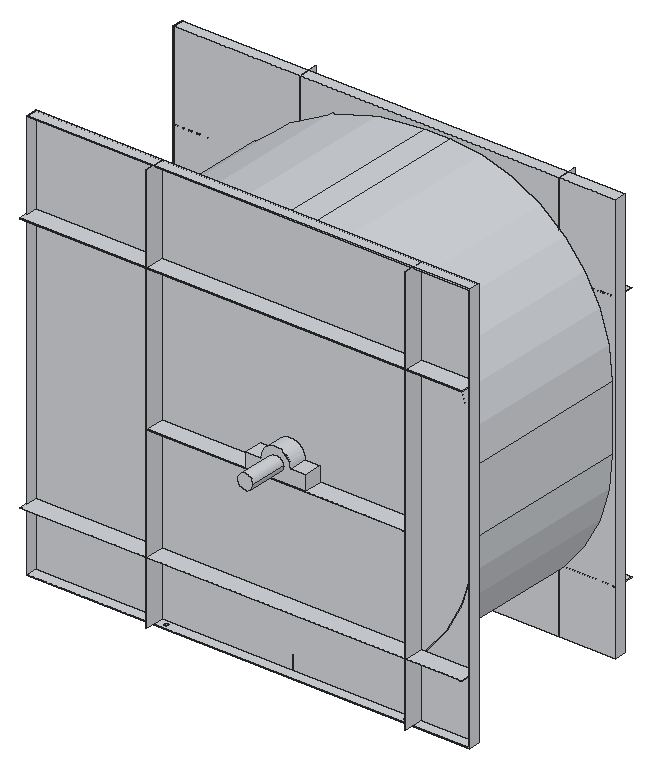
Revit family "CA-4_SWSI_ARR_3_CCW_DBD", category Mechanical Equipment, Revit 2019
Family settings
  Round Connector Dimension = Use Radius
  Part Type = Normal
  Work Plane-Based = No
  Always vertical = Yes
  Cut with Voids When Loaded = No
  Shared = No
  Room Calculation Point = No
Parameters (values of type "600_CA-4_SWSI_ARR_3_CCW_DBD_CLASS_3")
  S = 32"
  R = 49 5/16"
  P = 24 21/32"
  O/2 = O / 2  # 17/32"
  O = 1 1/16"
  N/2 = N / 2  # 1 31/32"
  N = 3 15/16"
  ModelID [instance] = ""
  M = 66 11/16"
  L = 10"
  K = 56 11/16"
  J = 3"
  INLET_RAD/2 = INLET_RAD / 2  # 16 1/2"
  INLET_RAD+1.5" = INLET_RAD + 1 1/2"  # 34 1/2"
  INLET_RAD = INLET_DIA / 2  # 33"
  INLET_DIA = 66"
  E = 49 3/4"
  F = 118"
  G = 109 5/8"
  Unit Weight [instance] = ""
  Sones [instance] = ""
  Motor RPM [instance] = ""
  Motor Enclosure [instance] = ""
  LwA [instance] = ""
  Fan RPM [instance] = ""
  E-(INLET_RAD+1.5") = H - (INLET_RAD + 1 1/2")  # 17 1/8"
  E+(INLET_RAD+1.5") = H + (INLET_RAD + 1 1/2")  # 86 1/8"
  H = 51 5/8"
  D-((D-B)/2) = D - ((D - B) / 2)  # 48 13/16"
  D = 51 13/16"
  B = 45 13/16"
  Accessories [instance] = ""
  A = 65 5/8"
  3" = 3"  # constant formula
  Brake Hp [instance] = ""
  4" = 4"  # constant formula
  2N = N + N  # 7 7/8"
  2' = 24"
  2" = 2"  # constant formula
  1" = 1"  # constant formula
  0 = 0"  # constant formula
  Voltage [instance] = 0 V
  URL = "www.lorencook.com"
  Type Comments = "Airfoil Centrifugal Blower Arrangement 3 Counter-Clockwise Down Blast Discharge"  # constant formula
  Static Pressure [instance] = 0.00 in-wg
  Power [instance] = Voltage * Motor FLA * sqrt(if(Phase = 3, 3, 1))  # 0 VA
  Phase [instance] = 0
  Number of Poles [instance] = 1
  Motor Hp [instance] = "0"
  Motor FLA [instance] = 0 A
  Model = "CA-4 SWSI ARR 3 CCW DBD CLASS 3"
  Manufacturer = "Loren Cook Company"
  CFM [instance] = 0 CFM
  1.5 = 1 1/2"  # constant formula
  ONE EIGTH = 1/8"  # constant formula
  -(((K-B)/2)-.125") = -(((K - B) / 2) - 1/8")  # -5 5/16"
  (R-B)/2 = (R - B) / 2  # 1 3/4"
  ((K-B)/2)+B = ((K - B) / 2) + B  # 51 1/4"
  (D-B)/2 = (D - B) / 2  # 3"
  -(((K-B)/2)+L) = -(((K - B) / 2) + L)  # -15 7/16"
  ((D-B)/2)-.125" = ((D - B) / 2) - 1/8"  # 2 7/8"
Types (55): name | S | R | P | O/2 | O | N/2 | N | M | L | K | J | INLET_RAD/2 | INLET_RAD+1.5" | INLET_RAD | INLET_DIA | E | F | G | E-(INLET_RAD+1.5") | E+(INLET_RAD+1.5") | H | D-((D-B)/2) | D | B | A | 2N | Model | -(((K-B)/2)-.125") | (R-B)/2 | ((K-B)/2)+B | (D-B)/2 | -(((K-B)/2)+L) | ((D-B)/2)-.125"
  (no name) | 32" | 49 5/16" | 24 21/32" | 17/32" | 1 1/16" | 1 31/32" | 3 15/16" | 66 11/16" | 10" | 56 11/16" | 3" | 16 1/2" | 34 1/2" | 33" | 66" | 49 3/4" | 118" | 109 5/8" | 17 1/8" | 86 1/8" | 51 5/8" | 48 13/16" | 51 13/16" | 45 13/16" | 65 5/8" | 7 7/8" | "CA-4 SWSI ARR 3 CCW DBD CLASS 3" | -5 5/16" | 1 3/4" | 51 1/4" | 3" | -15 7/16" | 2 7/8"
  120_CA-4_SWSI_ARR_3_CCW_DBD_CLASS_1 | 7 1/2" | 11 7/16" | 5 23/32" | 11/32" | 11/16" | 1/2" | 1" | 18 7/8" | 3" | 15 7/8" | 2" | 4 1/16" | 9 5/8" | 8 1/8" | 16 1/4" | 10 3/4" | 25 3/4" | 22 3/4" | 3/4" | 20" | 10 3/8" | 11 3/16" | 13 3/16" | 9 3/16" | 13 1/8" | 2" | "CA-4 SWSI ARR 3 CCW DBD CLASS 1" | -3 7/32" | 1 1/8" | 12 17/32" | 2" | -6 11/32" | 1 7/8"
  120_CA-4_SWSI_ARR_3_CCW_DBD_CLASS_2 | 7 1/2" | 11 7/16" | 5 23/32" | 11/32" | 11/16" | 1/2" | 1" | 18 7/8" | 3" | 15 7/8" | 2" | 4 1/16" | 9 5/8" | 8 1/8" | 16 1/4" | 10 3/4" | 25 3/4" | 22 3/4" | 3/4" | 20" | 10 3/8" | 11 3/16" | 13 3/16" | 9 3/16" | 13 1/8" | 2" | "CA-4 SWSI ARR 3 CCW DBD CLASS 2" | -3 7/32" | 1 1/8" | 12 17/32" | 2" | -6 11/32" | 1 7/8"
  120_CA-4_SWSI_ARR_3_CCW_DBD_CLASS_3 | 7 1/2" | 11 7/16" | 5 23/32" | 11/32" | 11/16" | 19/32" | 1 3/16" | 18 7/8" | 3" | 15 7/8" | 2" | 4 1/16" | 9 5/8" | 8 1/8" | 16 1/4" | 10 3/4" | 25 3/4" | 22 3/4" | 3/4" | 20" | 10 3/8" | 11 3/16" | 13 3/16" | 9 3/16" | 13 1/8" | 2 3/8" | "CA-4 SWSI ARR 3 CCW DBD CLASS 3" | -3 7/32" | 1 1/8" | 12 17/32" | 2" | -6 11/32" | 1 7/8"
  135_CA-4_SWSI_ARR_3_CCW_DBD_CLASS_1 | 8 1/2" | 12 9/16" | 6 9/32" | 11/32" | 11/16" | 1/2" | 1" | 20" | 3" | 17" | 2" | 4 7/16" | 10 3/8" | 8 7/8" | 17 3/4" | 12" | 28 3/4" | 25 1/2" | 1 1/4" | 22" | 11 5/8" | 12 5/16" | 14 5/16" | 10 5/16" | 14 3/4" | 2" | "CA-4 SWSI ARR 3 CCW DBD CLASS 1" | -3 7/32" | 1 1/8" | 13 21/32" | 2" | -6 11/32" | 1 7/8"
  135_CA-4_SWSI_ARR_3_CCW_DBD_CLASS_2 | 8 1/2" | 12 9/16" | 6 9/32" | 11/32" | 11/16" | 1/2" | 1" | 20" | 3" | 17" | 2" | 4 7/16" | 10 3/8" | 8 7/8" | 17 3/4" | 12" | 28 3/4" | 25 1/2" | 1 1/4" | 22" | 11 5/8" | 12 5/16" | 14 5/16" | 10 5/16" | 14 3/4" | 2" | "CA-4 SWSI ARR 3 CCW DBD CLASS 2" | -3 7/32" | 1 1/8" | 13 21/32" | 2" | -6 11/32" | 1 7/8"
  135_CA-4_SWSI_ARR_3_CCW_DBD_CLASS_3 | 8 1/2" | 12 9/16" | 6 9/32" | 11/32" | 11/16" | 19/32" | 1 3/16" | 20" | 3" | 17" | 2" | 4 7/16" | 10 3/8" | 8 7/8" | 17 3/4" | 12" | 28 3/4" | 25 1/2" | 1 1/4" | 22" | 11 5/8" | 12 5/16" | 14 5/16" | 10 5/16" | 14 3/4" | 2 3/8" | "CA-4 SWSI ARR 3 CCW DBD CLASS 3" | -3 7/32" | 1 1/8" | 13 21/32" | 2" | -6 11/32" | 1 7/8"
  150_CA-4_SWSI_ARR_3_CCW_DBD_CLASS_1 | 9" | 13 11/16" | 6 27/32" | 11/32" | 11/16" | 1/2" | 1" | 21 1/8" | 3" | 18 1/8" | 2" | 4 13/16" | 11 1/8" | 9 5/8" | 19 1/4" | 13 1/4" | 31 5/8" | 28 1/8" | 1 3/4" | 24" | 12 7/8" | 13 7/16" | 15 7/16" | 11 7/16" | 16 7/16" | 2" | "CA-4 SWSI ARR 3 CCW DBD CLASS 1" | -3 7/32" | 1 1/8" | 14 25/32" | 2" | -6 11/32" | 1 7/8"
  150_CA-4_SWSI_ARR_3_CCW_DBD_CLASS_2 | 9" | 13 11/16" | 6 27/32" | 11/32" | 11/16" | 19/32" | 1 3/16" | 21 1/8" | 3" | 18 1/8" | 2" | 4 13/16" | 11 1/8" | 9 5/8" | 19 1/4" | 13 1/4" | 31 5/8" | 28 1/8" | 1 3/4" | 24" | 12 7/8" | 13 7/16" | 15 7/16" | 11 7/16" | 16 7/16" | 2 3/8" | "CA-4 SWSI ARR 3 CCW DBD CLASS 2" | -3 7/32" | 1 1/8" | 14 25/32" | 2" | -6 11/32" | 1 7/8"
  150_CA-4_SWSI_ARR_3_CCW_DBD_CLASS_3 | 9" | 13 11/16" | 6 27/32" | 11/32" | 11/16" | 23/32" | 1 7/16" | 21 1/8" | 3" | 18 1/8" | 2" | 4 13/16" | 11 1/8" | 9 5/8" | 19 1/4" | 13 1/4" | 31 5/8" | 28 1/8" | 1 3/4" | 24" | 12 7/8" | 13 7/16" | 15 7/16" | 11 7/16" | 16 7/16" | 2 7/8" | "CA-4 SWSI ARR 3 CCW DBD CLASS 3" | -3 7/32" | 1 1/8" | 14 25/32" | 2" | -6 11/32" | 1 7/8"
  165_CA-4_SWSI_ARR_3_CCW_DBD_CLASS_1 | 10" | 14 7/8" | 7 7/16" | 11/32" | 11/16" | 1/2" | 1" | 23 15/16" | 4" | 19 5/16" | 2" | 5 5/16" | 12 1/8" | 10 5/8" | 21 1/4" | 14 3/8" | 34 3/8" | 30 7/8" | 2 1/8" | 26 3/8" | 14 1/4" | 14 5/8" | 16 5/8" | 12 5/8" | 18 1/16" | 2" | "CA-4 SWSI ARR 3 CCW DBD CLASS 1" | -3 7/32" | 1 1/8" | 15 31/32" | 2" | -7 11/32" | 1 7/8"
  165_CA-4_SWSI_ARR_3_CCW_DBD_CLASS_2 | 10" | 14 7/8" | 7 7/16" | 11/32" | 11/16" | 19/32" | 1 3/16" | 23 15/16" | 4" | 19 5/16" | 2" | 5 5/16" | 12 1/8" | 10 5/8" | 21 1/4" | 14 3/8" | 34 3/8" | 30 7/8" | 2 1/8" | 26 3/8" | 14 1/4" | 14 5/8" | 16 5/8" | 12 5/8" | 18 1/16" | 2 3/8" | "CA-4 SWSI ARR 3 CCW DBD CLASS 2" | -3 7/32" | 1 1/8" | 15 31/32" | 2" | -7 11/32" | 1 7/8"
  165_CA-4_SWSI_ARR_3_CCW_DBD_CLASS_3 | 10" | 14 7/8" | 7 7/16" | 11/32" | 11/16" | 23/32" | 1 7/16" | 23 15/16" | 4" | 19 5/16" | 2" | 5 5/16" | 12 1/8" | 10 5/8" | 21 1/4" | 14 3/8" | 34 3/8" | 30 7/8" | 2 1/8" | 26 3/8" | 14 1/4" | 14 5/8" | 16 5/8" | 12 5/8" | 18 1/16" | 2 7/8" | "CA-4 SWSI ARR 3 CCW DBD CLASS 3" | -3 7/32" | 1 1/8" | 15 31/32" | 2" | -7 11/32" | 1 7/8"
  180_CA-4_SWSI_ARR_3_CCW_DBD_CLASS_1 | 11" | 16" | 8" | 11/32" | 11/16" | 19/32" | 1 3/16" | 24 15/16" | 4 1/2" | 20 7/16" | 2" | 5 11/16" | 12 7/8" | 11 3/8" | 22 3/4" | 15 5/8" | 37 1/8" | 33 5/8" | 2 5/8" | 28 3/8" | 15 1/2" | 15 3/4" | 17 3/4" | 13 3/4" | 19 11/16" | 2 3/8" | "CA-4 SWSI ARR 3 CCW DBD CLASS 1" | -3 7/32" | 1 1/8" | 17 3/32" | 2" | -7 27/32" | 1 7/8"
  180_CA-4_SWSI_ARR_3_CCW_DBD_CLASS_2 | 11" | 16" | 8" | 11/32" | 11/16" | 23/32" | 1 7/16" | 24 15/16" | 4 1/2" | 20 7/16" | 2" | 5 11/16" | 12 7/8" | 11 3/8" | 22 3/4" | 15 5/8" | 37 1/8" | 33 5/8" | 2 5/8" | 28 3/8" | 15 1/2" | 15 3/4" | 17 3/4" | 13 3/4" | 19 11/16" | 2 7/8" | "CA-4 SWSI ARR 3 CCW DBD CLASS 2" | -3 7/32" | 1 1/8" | 17 3/32" | 2" | -7 27/32" | 1 7/8"
  180_CA-4_SWSI_ARR_3_CCW_DBD_CLASS_3 | 11" | 16" | 8" | 11/32" | 11/16" | 27/32" | 1 11/16" | 24 15/16" | 4 1/2" | 20 7/16" | 2" | 5 11/16" | 12 7/8" | 11 3/8" | 22 3/4" | 15 5/8" | 37 1/8" | 33 5/8" | 2 5/8" | 28 3/8" | 15 1/2" | 15 3/4" | 17 3/4" | 13 3/4" | 19 11/16" | 3 3/8" | "CA-4 SWSI ARR 3 CCW DBD CLASS 3" | -3 7/32" | 1 1/8" | 17 3/32" | 2" | -7 27/32" | 1 7/8"
  195_CA-4_SWSI_ARR_3_CCW_DBD_CLASS_1 | 11 1/2" | 17 3/16" | 8 19/32" | 11/32" | 11/16" | 23/32" | 1 7/16" | 27 3/16" | 4 1/2" | 22 11/16" | 2" | 6 1/16" | 13 5/8" | 12 1/8" | 24 1/4" | 16 3/4" | 40" | 36 1/4" | 3 1/8" | 30 3/8" | 16 3/4" | 16 15/16" | 18 15/16" | 14 15/16" | 21 5/16" | 2 7/8" | "CA-4 SWSI ARR 3 CCW DBD CLASS 1" | -3 3/4" | 1 1/8" | 18 13/16" | 2" | -8 3/8" | 1 7/8"
  195_CA-4_SWSI_ARR_3_CCW_DBD_CLASS_2 | 11 1/2" | 17 3/16" | 8 19/32" | 11/32" | 11/16" | 23/32" | 1 7/16" | 27 3/16" | 4 1/2" | 22 11/16" | 2" | 6 1/16" | 13 5/8" | 12 1/8" | 24 1/4" | 16 3/4" | 40" | 36 1/4" | 3 1/8" | 30 3/8" | 16 3/4" | 16 15/16" | 18 15/16" | 14 15/16" | 21 5/16" | 2 7/8" | "CA-4 SWSI ARR 3 CCW DBD CLASS 2" | -3 3/4" | 1 1/8" | 18 13/16" | 2" | -8 3/8" | 1 7/8"
  195_CA-4_SWSI_ARR_3_CCW_DBD_CLASS_3 | 11 1/2" | 17 3/16" | 8 19/32" | 11/32" | 11/16" | 27/32" | 1 11/16" | 27 3/16" | 4 1/2" | 22 11/16" | 2" | 6 1/16" | 13 5/8" | 12 1/8" | 24 1/4" | 16 3/4" | 40" | 36 1/4" | 3 1/8" | 30 3/8" | 16 3/4" | 16 15/16" | 18 15/16" | 14 15/16" | 21 5/16" | 3 3/8" | "CA-4 SWSI ARR 3 CCW DBD CLASS 3" | -3 3/4" | 1 1/8" | 18 13/16" | 2" | -8 3/8" | 1 7/8"
  210_CA-4_SWSI_ARR_3_CCW_DBD_CLASS_1 | 12" | 18 5/16" | 9 5/32" | 13/32" | 13/16" | 23/32" | 1 7/16" | 28 13/16" | 5" | 23 13/16" | 2" | 6 1/2" | 14 1/2" | 13" | 26" | 18" | 42 7/8" | 39 1/8" | 3 5/8" | 32 5/8" | 18 1/8" | 18 1/16" | 20 1/16" | 16 1/16" | 23" | 2 7/8" | "CA-4 SWSI ARR 3 CCW DBD CLASS 1" | -3 3/4" | 1 1/8" | 19 15/16" | 2" | -8 7/8" | 1 7/8"
  210_CA-4_SWSI_ARR_3_CCW_DBD_CLASS_2 | 12" | 18 5/16" | 9 5/32" | 13/32" | 13/16" | 23/32" | 1 7/16" | 28 13/16" | 5" | 23 13/16" | 2" | 6 1/2" | 14 1/2" | 13" | 26" | 18" | 42 7/8" | 39 1/8" | 3 5/8" | 32 5/8" | 18 1/8" | 18 1/16" | 20 1/16" | 16 1/16" | 23" | 2 7/8" | "CA-4 SWSI ARR 3 CCW DBD CLASS 2" | -3 3/4" | 1 1/8" | 19 15/16" | 2" | -8 7/8" | 1 7/8"
  210_CA-4_SWSI_ARR_3_CCW_DBD_CLASS_3 | 12" | 18 5/16" | 9 5/32" | 13/32" | 13/16" | 27/32" | 1 11/16" | 28 13/16" | 5" | 23 13/16" | 2" | 6 1/2" | 14 1/2" | 13" | 26" | 18" | 42 7/8" | 39 1/8" | 3 5/8" | 32 5/8" | 18 1/8" | 18 1/16" | 20 1/16" | 16 1/16" | 23" | 3 3/8" | "CA-4 SWSI ARR 3 CCW DBD CLASS 3" | -3 3/4" | 1 1/8" | 19 15/16" | 2" | -8 7/8" | 1 7/8"
  225_CA-4_SWSI_ARR_3_CCW_DBD_CLASS_1 | 12 1/2" | 19 7/16" | 9 23/32" | 13/32" | 13/16" | 23/32" | 1 7/16" | 29 15/16" | 5" | 24 15/16" | 2" | 6 7/8" | 15 1/4" | 13 3/4" | 27 1/2" | 19 1/4" | 45 3/4" | 41 3/4" | 4 1/8" | 34 5/8" | 19 3/8" | 19 3/16" | 21 3/16" | 17 3/16" | 24 5/8" | 2 7/8" | "CA-4 SWSI ARR 3 CCW DBD CLASS 1" | -3 3/4" | 1 1/8" | 21 1/16" | 2" | -8 7/8" | 1 7/8"
  225_CA-4_SWSI_ARR_3_CCW_DBD_CLASS_2 | 12 1/2" | 19 7/16" | 9 23/32" | 13/32" | 13/16" | 23/32" | 1 7/16" | 29 15/16" | 5" | 24 15/16" | 2" | 6 7/8" | 15 1/4" | 13 3/4" | 27 1/2" | 19 1/4" | 45 3/4" | 41 3/4" | 4 1/8" | 34 5/8" | 19 3/8" | 19 3/16" | 21 3/16" | 17 3/16" | 24 5/8" | 2 7/8" | "CA-4 SWSI ARR 3 CCW DBD CLASS 2" | -3 3/4" | 1 1/8" | 21 1/16" | 2" | -8 7/8" | 1 7/8"
  225_CA-4_SWSI_ARR_3_CCW_DBD_CLASS_3 | 12 1/2" | 19 7/16" | 9 23/32" | 13/32" | 13/16" | 27/32" | 1 11/16" | 29 15/16" | 5" | 24 15/16" | 2" | 6 7/8" | 15 1/4" | 13 3/4" | 27 1/2" | 19 1/4" | 45 3/4" | 41 3/4" | 4 1/8" | 34 5/8" | 19 3/8" | 19 3/16" | 21 3/16" | 17 3/16" | 24 5/8" | 3 3/8" | "CA-4 SWSI ARR 3 CCW DBD CLASS 3" | -3 3/4" | 1 1/8" | 21 1/16" | 2" | -8 7/8" | 1 7/8"
  245_CA-4_SWSI_ARR_3_CCW_DBD_CLASS_1 | 13 1/2" | 21" | 10 1/2" | 13/32" | 13/16" | 23/32" | 1 7/16" | 32" | 5 1/2" | 26 1/2" | 2" | 7 3/8" | 16 1/4" | 14 3/4" | 29 1/2" | 20 7/8" | 49 1/2" | 45 3/8" | 4 7/8" | 37 3/8" | 21 1/8" | 20 3/4" | 22 3/4" | 18 3/4" | 26 13/16" | 2 7/8" | "CA-4 SWSI ARR 3 CCW DBD CLASS 1" | -3 3/4" | 1 1/8" | 22 5/8" | 2" | -9 3/8" | 1 7/8"
  245_CA-4_SWSI_ARR_3_CCW_DBD_CLASS_2 | 13 1/2" | 21" | 10 1/2" | 13/32" | 13/16" | 27/32" | 1 11/16" | 32" | 5 1/2" | 26 1/2" | 2" | 7 3/8" | 16 1/4" | 14 3/4" | 29 1/2" | 20 7/8" | 49 1/2" | 45 3/8" | 4 7/8" | 37 3/8" | 21 1/8" | 20 3/4" | 22 3/4" | 18 3/4" | 26 13/16" | 3 3/8" | "CA-4 SWSI ARR 3 CCW DBD CLASS 2" | -3 3/4" | 1 1/8" | 22 5/8" | 2" | -9 3/8" | 1 7/8"
  245_CA-4_SWSI_ARR_3_CCW_DBD_CLASS_3 | 13 1/2" | 21" | 10 1/2" | 13/32" | 13/16" | 31/32" | 1 15/16" | 32" | 5 1/2" | 26 1/2" | 2" | 7 3/8" | 16 1/4" | 14 3/4" | 29 1/2" | 20 7/8" | 49 1/2" | 45 3/8" | 4 7/8" | 37 3/8" | 21 1/8" | 20 3/4" | 22 3/4" | 18 3/4" | 26 13/16" | 3 7/8" | "CA-4 SWSI ARR 3 CCW DBD CLASS 3" | -3 3/4" | 1 1/8" | 22 5/8" | 2" | -9 3/8" | 1 7/8"
  270_CA-4_SWSI_ARR_3_CCW_DBD_CLASS_1 | 15" | 22 7/8" | 11 7/16" | 13/32" | 13/16" | 23/32" | 1 7/16" | 34 3/8" | 6" | 28 3/8" | 2" | 8" | 17 1/2" | 16" | 32" | 23 3/8" | 54 3/4" | 49 7/8" | 5 3/4" | 40 3/4" | 23 1/4" | 22 5/8" | 24 5/8" | 20 5/8" | 29 9/16" | 2 7/8" | "CA-4 SWSI ARR 3 CCW DBD CLASS 1" | -3 3/4" | 1 1/8" | 24 1/2" | 2" | -9 7/8" | 1 7/8"
  270_CA-4_SWSI_ARR_3_CCW_DBD_CLASS_2 | 15" | 22 7/8" | 11 7/16" | 13/32" | 13/16" | 27/32" | 1 11/16" | 34 3/8" | 6" | 28 3/8" | 2" | 8" | 17 1/2" | 16" | 32" | 23 3/8" | 54 3/4" | 49 7/8" | 5 3/4" | 40 3/4" | 23 1/4" | 22 5/8" | 24 5/8" | 20 5/8" | 29 9/16" | 3 3/8" | "CA-4 SWSI ARR 3 CCW DBD CLASS 2" | -3 3/4" | 1 1/8" | 24 1/2" | 2" | -9 7/8" | 1 7/8"
  270_CA-4_SWSI_ARR_3_CCW_DBD_CLASS_3 | 15" | 22 7/8" | 11 7/16" | 13/32" | 13/16" | 31/32" | 1 15/16" | 34 3/8" | 6" | 28 3/8" | 2" | 8" | 17 1/2" | 16" | 32" | 23 3/8" | 54 3/4" | 49 7/8" | 5 3/4" | 40 3/4" | 23 1/4" | 22 5/8" | 24 5/8" | 20 5/8" | 29 9/16" | 3 7/8" | "CA-4 SWSI ARR 3 CCW DBD CLASS 3" | -3 3/4" | 1 1/8" | 24 1/2" | 2" | -9 7/8" | 1 7/8"
  300_CA-4_SWSI_ARR_3_CCW_DBD_CLASS_1 | 16 1/2" | 25 3/16" | 12 19/32" | 13/32" | 13/16" | 27/32" | 1 11/16" | 37 3/16" | 6 1/2" | 30 11/16" | 2" | 8 3/4" | 19" | 17 1/2" | 35" | 25 3/8" | 60" | 55 3/8" | 6 7/8" | 44 7/8" | 25 7/8" | 24 15/16" | 26 15/16" | 22 15/16" | 32 13/16" | 3 3/8" | "CA-4 SWSI ARR 3 CCW DBD CLASS 1" | -3 3/4" | 1 1/8" | 26 13/16" | 2" | -10 3/8" | 1 7/8"
  300_CA-4_SWSI_ARR_3_CCW_DBD_CLASS_2 | 16 1/2" | 25 3/16" | 12 19/32" | 13/32" | 13/16" | 31/32" | 1 15/16" | 37 3/16" | 6 1/2" | 30 11/16" | 2" | 8 3/4" | 19" | 17 1/2" | 35" | 25 3/8" | 60" | 55 3/8" | 6 7/8" | 44 7/8" | 25 7/8" | 24 15/16" | 26 15/16" | 22 15/16" | 32 13/16" | 3 7/8" | "CA-4 SWSI ARR 3 CCW DBD CLASS 2" | -3 3/4" | 1 1/8" | 26 13/16" | 2" | -10 3/8" | 1 7/8"
  300_CA-4_SWSI_ARR_3_CCW_DBD_CLASS_3 | 16 1/2" | 25 3/16" | 12 19/32" | 13/32" | 13/16" | 1 3/32" | 2 3/16" | 37 3/16" | 6 1/2" | 30 11/16" | 2" | 8 3/4" | 19" | 17 1/2" | 35" | 25 3/8" | 60" | 55 3/8" | 6 7/8" | 44 7/8" | 25 7/8" | 24 15/16" | 26 15/16" | 22 15/16" | 32 13/16" | 4 3/8" | "CA-4 SWSI ARR 3 CCW DBD CLASS 3" | -3 3/4" | 1 1/8" | 26 13/16" | 2" | -10 3/8" | 1 7/8"
  330_CA-4_SWSI_ARR_3_CCW_DBD_CLASS_1 | 18" | 27 1/2" | 13 3/4" | 13/32" | 13/16" | 27/32" | 1 11/16" | 40" | 7" | 33" | 2" | 9 1/2" | 20 1/2" | 19" | 38" | 27 7/8" | 65 3/4" | 60 3/4" | 7 7/8" | 48 7/8" | 28 3/8" | 27 1/4" | 29 1/4" | 25 1/4" | 36 1/8" | 3 3/8" | "CA-4 SWSI ARR 3 CCW DBD CLASS 1" | -3 3/4" | 1 1/8" | 29 1/8" | 2" | -10 7/8" | 1 7/8"
  330_CA-4_SWSI_ARR_3_CCW_DBD_CLASS_2 | 18" | 27 1/2" | 13 3/4" | 13/32" | 13/16" | 1 3/32" | 2 3/16" | 40" | 7" | 33" | 2" | 9 1/2" | 20 1/2" | 19" | 38" | 27 7/8" | 65 3/4" | 60 3/4" | 7 7/8" | 48 7/8" | 28 3/8" | 27 1/4" | 29 1/4" | 25 1/4" | 36 1/8" | 4 3/8" | "CA-4 SWSI ARR 3 CCW DBD CLASS 2" | -3 3/4" | 1 1/8" | 29 1/8" | 2" | -10 7/8" | 1 7/8"
  330_CA-4_SWSI_ARR_3_CCW_DBD_CLASS_3 | 18" | 27 1/2" | 13 3/4" | 13/32" | 13/16" | 1 3/32" | 2 3/16" | 40" | 7" | 33" | 2" | 9 1/2" | 20 1/2" | 19" | 38" | 27 7/8" | 65 3/4" | 60 3/4" | 7 7/8" | 48 7/8" | 28 3/8" | 27 1/4" | 29 1/4" | 25 1/4" | 36 1/8" | 4 3/8" | "CA-4 SWSI ARR 3 CCW DBD CLASS 3" | -3 3/4" | 1 1/8" | 29 1/8" | 2" | -10 7/8" | 1 7/8"
  365_CA-4_SWSI_ARR_3_CCW_DBD_CLASS_1 | 20" | 30 1/8" | 15 1/16" | 13/32" | 13/16" | 31/32" | 1 15/16" | 43 1/8" | 7 1/2" | 35 5/8" | 2" | 10 3/8" | 22 1/4" | 20 3/4" | 41 1/2" | 30 5/8" | 72 3/8" | 67" | 9 1/8" | 53 5/8" | 31 3/8" | 29 7/8" | 31 7/8" | 27 7/8" | 39 15/16" | 3 7/8" | "CA-4 SWSI ARR 3 CCW DBD CLASS 1" | -3 3/4" | 1 1/8" | 31 3/4" | 2" | -11 3/8" | 1 7/8"
  365_CA-4_SWSI_ARR_3_CCW_DBD_CLASS_2 | 20" | 30 1/8" | 15 1/16" | 13/32" | 13/16" | 1 7/32" | 2 7/16" | 43 1/8" | 7 1/2" | 35 5/8" | 2" | 10 3/8" | 22 1/4" | 20 3/4" | 41 1/2" | 30 5/8" | 72 3/8" | 67" | 9 1/8" | 53 5/8" | 31 3/8" | 29 7/8" | 31 7/8" | 27 7/8" | 39 15/16" | 4 7/8" | "CA-4 SWSI ARR 3 CCW DBD CLASS 2" | -3 3/4" | 1 1/8" | 31 3/4" | 2" | -11 3/8" | 1 7/8"
  365_CA-4_SWSI_ARR_3_CCW_DBD_CLASS_3 | 20" | 30 1/8" | 15 1/16" | 13/32" | 13/16" | 1 7/32" | 2 7/16" | 43 1/8" | 7 1/2" | 35 5/8" | 2" | 10 3/8" | 22 1/4" | 20 3/4" | 41 1/2" | 30 5/8" | 72 3/8" | 67" | 9 1/8" | 53 5/8" | 31 3/8" | 29 7/8" | 31 7/8" | 27 7/8" | 39 15/16" | 4 7/8" | "CA-4 SWSI ARR 3 CCW DBD CLASS 3" | -3 3/4" | 1 1/8" | 31 3/4" | 2" | -11 3/8" | 1 7/8"
  402_CA-4_SWSI_ARR_3_CCW_DBD_CLASS_1 | 22" | 34 1/4" | 17 1/8" | 17/32" | 1 1/16" | 31/32" | 1 15/16" | 46 5/8" | 8" | 38 5/8" | 3" | 11 5/16" | 24 1/8" | 22 5/8" | 45 1/4" | 33 5/8" | 80 3/8" | 73 7/8" | 10 1/2" | 58 3/4" | 34 5/8" | 33 3/4" | 36 3/4" | 30 3/4" | 44 1/16" | 3 7/8" | "CA-4 SWSI ARR 3 CCW DBD CLASS 1" | -3 13/16" | 1 3/4" | 34 11/16" | 3" | -11 15/16" | 2 7/8"
  402_CA-4_SWSI_ARR_3_CCW_DBD_CLASS_2 | 22" | 34 1/4" | 17 1/8" | 17/32" | 1 1/16" | 1 7/32" | 2 7/16" | 46 5/8" | 8" | 38 5/8" | 3" | 11 5/16" | 24 1/8" | 22 5/8" | 45 1/4" | 33 5/8" | 80 3/8" | 73 7/8" | 10 1/2" | 58 3/4" | 34 5/8" | 33 3/4" | 36 3/4" | 30 3/4" | 44 1/16" | 4 7/8" | "CA-4 SWSI ARR 3 CCW DBD CLASS 2" | -3 13/16" | 1 3/4" | 34 11/16" | 3" | -11 15/16" | 2 7/8"
  402_CA-4_SWSI_ARR_3_CCW_DBD_CLASS_3 | 22" | 34 1/4" | 17 1/8" | 17/32" | 1 1/16" | 1 11/32" | 2 11/16" | 46 5/8" | 8" | 38 5/8" | 3" | 11 5/16" | 24 1/8" | 22 5/8" | 45 1/4" | 33 5/8" | 80 3/8" | 73 7/8" | 10 1/2" | 58 3/4" | 34 5/8" | 33 3/4" | 36 3/4" | 30 3/4" | 44 1/16" | 5 3/8" | "CA-4 SWSI ARR 3 CCW DBD CLASS 3" | -3 13/16" | 1 3/4" | 34 11/16" | 3" | -11 15/16" | 2 7/8"
  445_CA-4_SWSI_ARR_3_CCW_DBD_CLASS_1 | 24" | 37 1/2" | 18 3/4" | 17/32" | 1 1/16" | 31/32" | 1 15/16" | 50 3/8" | 8 1/2" | 41 7/8" | 3" | 12 3/8" | 26 1/4" | 24 3/4" | 49 1/2" | 37 1/8" | 88 1/2" | 81 1/2" | 12" | 64 1/2" | 38 1/4" | 37" | 40" | 34" | 48 11/16" | 3 7/8" | "CA-4 SWSI ARR 3 CCW DBD CLASS 1" | -3 13/16" | 1 3/4" | 37 15/16" | 3" | -12 7/16" | 2 7/8"
  445_CA-4_SWSI_ARR_3_CCW_DBD_CLASS_2 | 24" | 37 1/2" | 18 3/4" | 17/32" | 1 1/16" | 1 11/32" | 2 11/16" | 50 3/8" | 8 1/2" | 41 7/8" | 3" | 12 3/8" | 26 1/4" | 24 3/4" | 49 1/2" | 37 1/8" | 88 1/2" | 81 1/2" | 12" | 64 1/2" | 38 1/4" | 37" | 40" | 34" | 48 11/16" | 5 3/8" | "CA-4 SWSI ARR 3 CCW DBD CLASS 2" | -3 13/16" | 1 3/4" | 37 15/16" | 3" | -12 7/16" | 2 7/8"
  445_CA-4_SWSI_ARR_3_CCW_DBD_CLASS_3 | 24" | 37 1/2" | 18 3/4" | 17/32" | 1 1/16" | 1 15/32" | 2 15/16" | 50 3/8" | 8 1/2" | 41 7/8" | 3" | 12 3/8" | 26 1/4" | 24 3/4" | 49 1/2" | 37 1/8" | 88 1/2" | 81 1/2" | 12" | 64 1/2" | 38 1/4" | 37" | 40" | 34" | 48 11/16" | 5 7/8" | "CA-4 SWSI ARR 3 CCW DBD CLASS 3" | -3 13/16" | 1 3/4" | 37 15/16" | 3" | -12 7/16" | 2 7/8"
  490_CA-4_SWSI_ARR_3_CCW_DBD_CLASS_1 | 26 1/2" | 40 15/16" | 20 15/32" | 17/32" | 1 1/16" | 1 3/32" | 2 3/16" | 55 5/16" | 9" | 46 5/16" | 3" | 13 3/4" | 29" | 27 1/2" | 55" | 40 3/4" | 97" | 89 3/4" | 13 1/4" | 71 1/4" | 42 1/4" | 40 7/16" | 43 7/16" | 37 7/16" | 53 5/8" | 4 3/8" | "CA-4 SWSI ARR 3 CCW DBD CLASS 1" | -4 5/16" | 1 3/4" | 41 7/8" | 3" | -13 7/16" | 2 7/8"
  490_CA-4_SWSI_ARR_3_CCW_DBD_CLASS_2 | 26 1/2" | 40 15/16" | 20 15/32" | 17/32" | 1 1/16" | 1 11/32" | 2 11/16" | 55 5/16" | 9" | 46 5/16" | 3" | 13 3/4" | 29" | 27 1/2" | 55" | 40 3/4" | 97" | 89 3/4" | 13 1/4" | 71 1/4" | 42 1/4" | 40 7/16" | 43 7/16" | 37 7/16" | 53 5/8" | 5 3/8" | "CA-4 SWSI ARR 3 CCW DBD CLASS 2" | -4 5/16" | 1 3/4" | 41 7/8" | 3" | -13 7/16" | 2 7/8"
  490_CA-4_SWSI_ARR_3_CCW_DBD_CLASS_3 | 26 1/2" | 40 15/16" | 20 15/32" | 17/32" | 1 1/16" | 1 15/32" | 2 15/16" | 55 5/16" | 9" | 46 5/16" | 3" | 13 3/4" | 29" | 27 1/2" | 55" | 40 3/4" | 97" | 89 3/4" | 13 1/4" | 71 1/4" | 42 1/4" | 40 7/16" | 43 7/16" | 37 7/16" | 53 5/8" | 5 7/8" | "CA-4 SWSI ARR 3 CCW DBD CLASS 3" | -4 5/16" | 1 3/4" | 41 7/8" | 3" | -13 7/16" | 2 7/8"
  540_CA-4_SWSI_ARR_3_CCW_DBD_CLASS_1 | 29" | 44 3/4" | 22 3/8" | 17/32" | 1 1/16" | 1 23/32" | 3 7/16" | 61 5/8" | 9 1/2" | 52 1/8" | 3" | 15" | 31 1/2" | 30" | 60" | 44 7/8" | 106 5/8" | 98 3/4" | 15" | 78" | 46 1/2" | 44 1/4" | 47 1/4" | 41 1/4" | 59 1/16" | 6 7/8" | "CA-4 SWSI ARR 3 CCW DBD CLASS 1" | -5 5/16" | 1 3/4" | 46 11/16" | 3" | -14 15/16" | 2 7/8"
  540_CA-4_SWSI_ARR_3_CCW_DBD_CLASS_2 | 29" | 44 3/4" | 22 3/8" | 17/32" | 1 1/16" | 1 15/32" | 2 15/16" | 61 5/8" | 9 1/2" | 52 1/8" | 3" | 15" | 31 1/2" | 30" | 60" | 44 7/8" | 106 5/8" | 98 3/4" | 15" | 78" | 46 1/2" | 44 1/4" | 47 1/4" | 41 1/4" | 59 1/16" | 5 7/8" | "CA-4 SWSI ARR 3 CCW DBD CLASS 2" | -5 5/16" | 1 3/4" | 46 11/16" | 3" | -14 15/16" | 2 7/8"
  540_CA-4_SWSI_ARR_3_CCW_DBD_CLASS_3 | 29" | 44 3/4" | 22 3/8" | 17/32" | 1 1/16" | 1 23/32" | 3 7/16" | 61 5/8" | 9 1/2" | 52 1/8" | 3" | 15" | 31 1/2" | 30" | 60" | 44 7/8" | 106 5/8" | 98 3/4" | 15" | 78" | 46 1/2" | 44 1/4" | 47 1/4" | 41 1/4" | 59 1/16" | 6 7/8" | "CA-4 SWSI ARR 3 CCW DBD CLASS 3" | -5 5/16" | 1 3/4" | 46 11/16" | 3" | -14 15/16" | 2 7/8"
  600_CA-4_SWSI_ARR_3_CCW_DBD_CLASS_1 | 32" | 49 5/16" | 24 21/32" | 17/32" | 1 1/16" | 1 11/32" | 2 11/16" | 66 11/16" | 10" | 56 11/16" | 3" | 16 1/2" | 34 1/2" | 33" | 66" | 49 3/4" | 118" | 109 5/8" | 17 1/8" | 86 1/8" | 51 5/8" | 48 13/16" | 51 13/16" | 45 13/16" | 65 5/8" | 5 3/8" | "CA-4 SWSI ARR 3 CCW DBD CLASS 1" | -5 5/16" | 1 3/4" | 51 1/4" | 3" | -15 7/16" | 2 7/8"
  600_CA-4_SWSI_ARR_3_CCW_DBD_CLASS_2 | 32" | 49 5/16" | 24 21/32" | 17/32" | 1 1/16" | 1 23/32" | 3 7/16" | 66 11/16" | 10" | 56 11/16" | 3" | 16 1/2" | 34 1/2" | 33" | 66" | 49 3/4" | 118" | 109 5/8" | 17 1/8" | 86 1/8" | 51 5/8" | 48 13/16" | 51 13/16" | 45 13/16" | 65 5/8" | 6 7/8" | "CA-4 SWSI ARR 3 CCW DBD CLASS 2" | -5 5/16" | 1 3/4" | 51 1/4" | 3" | -15 7/16" | 2 7/8"
  600_CA-4_SWSI_ARR_3_CCW_DBD_CLASS_3 | 32" | 49 5/16" | 24 21/32" | 17/32" | 1 1/16" | 1 31/32" | 3 15/16" | 66 11/16" | 10" | 56 11/16" | 3" | 16 1/2" | 34 1/2" | 33" | 66" | 49 3/4" | 118" | 109 5/8" | 17 1/8" | 86 1/8" | 51 5/8" | 48 13/16" | 51 13/16" | 45 13/16" | 65 5/8" | 7 7/8" | "CA-4 SWSI ARR 3 CCW DBD CLASS 3" | -5 5/16" | 1 3/4" | 51 1/4" | 3" | -15 7/16" | 2 7/8"
Reference planes (in)
  plane 1 "Center (Front/Back)": y = 0
  plane 2: z = 0
  plane 3 "Center (Left/Right)": x = 0.40541
Forms (in)
  Extrusion 1, solid
    sketch origin (0, 0, 0) x (1, 0, 0) y (0, 0, 1)
      loop
        line (-67.84459, 0) -> (50.15541, 0) -> (50.15541, 109.625) -> (-67.84459, 109.625) -> (-67.84459, 0)
    from 0 to 3 <- "(D-B)/2"
  Extrusion 2, solid
    sketch origin (0, 0, 0) x (1, 0, 0) y (0, 0, 1)
      loop
        line (-67.84459, 109.625) -> (-67.84459, 0) -> (50.15541, 0) -> (50.15541, 109.625) -> (-67.84459, 109.625)
    from 51.8125 <- "D" to 48.8125 <- "D-((D-B)/2)"
  Extrusion 3, void
    sketch origin (0, 0, 0) x (1, 0, 0) y (0, 0, 1)
      loop
        line (-67.71959, 109.5) -> (-67.71959, 0.125) -> (50.03041, 0.125) -> (50.03041, 109.5) -> (-67.71959, 109.5)
    from 0 to 2.875 <- "((D-B)/2)-.125""
  Extrusion 4, void
    sketch origin (0, -51.8125, 0) x (-1, 0, 0) y (0, 0, 1)
      loop
        line (67.71959, 109.5) -> (-50.03041, 109.5) -> (-50.03041, 0.125) -> (67.71959, 0.125) -> (67.71959, 109.5)
    from 0 to 2.875 <- "((D-B)/2)-.125""
  Extrusion 5, solid
    sketch origin (0, -48.8125, 0) x (-1, 0, 0) y (0, 0, 1)
      loop
        circle (-0.40541, 51.625) r 1.96875
    from 51.25 <- "((K-B)/2)+B" to -15.4375 <- "-(((K-B)/2)+L)"
  Extrusion 6, solid
    sketch origin (0, -48.8125, 0) x (-1, 0, 0) y (0, 0, 1)
      loop
        line (7.46959, 47.6875) -> (7.46959, 51.625) -> (3.53209, 51.625)
        arc (3.53209, 51.625) -> (-0.40541, 55.5625) -> (-4.34291, 51.625) r 3.9375
        line (-4.34291, 51.625) -> (-8.28041, 51.625) -> (-8.28041, 47.6875) -> (7.46959, 47.6875)
    from -0.5 to -5.3125 <- "-(((K-B)/2)-.125")"
  Extrusion 7, solid
    sketch origin (0, -3, 0) x (1, 0, 0) y (0, 0, 1)
      loop
        arc (4.34291, 51.625) -> (0.40541, 55.5625) -> (-3.53209, 51.625) r 3.9375
        line (-3.53209, 51.625) -> (-7.46959, 51.625) -> (-7.46959, 47.6875) -> (8.28041, 47.6875) -> (8.28041, 51.625) -> (4.34291, 51.625)
    from -0.5 to -5.3125 <- "-(((K-B)/2)-.125")"
  Extrusion 8, solid
    sketch origin (0, -3, 0) x (1, 0, 0) y (0, 0, 1)
      loop
        line (35.03041, 109.5) -> (34.90541, 109.5) -> (34.90541, 0.125) -> (35.03041, 0.125) -> (35.03041, 109.5)
      loop
        line (-34.09459, 0.125) -> (-34.09459, 109.5) -> (-34.21959, 109.5) -> (-34.21959, 0.125) -> (-34.09459, 0.125)
    from 0 to -5.3125 <- "-(((K-B)/2)-.125")"
  Extrusion 9, solid
    sketch origin (0, -3, 0) x (1, 0, 0) y (0, 0, 1)
      loop
        line (50.03041, 86.25) -> (-67.71959, 86.25) -> (-67.71959, 86.125) -> (50.03041, 86.125) -> (50.03041, 86.25)
      loop
        line (50.03041, 17.125) -> (-67.71959, 17.125) -> (-67.71959, 17) -> (50.03041, 17) -> (50.03041, 17.125)
      loop
        line (34.90541, 47.6875) -> (-34.09459, 47.6875) -> (-34.09459, 47.5625) -> (34.90541, 47.5625) -> (34.90541, 47.6875)
    from 0 to -5.3125 <- "-(((K-B)/2)-.125")"
  Extrusion 10, solid
    sketch origin (0, -48.8125, 0) x (-1, 0, 0) y (0, 0, 1)
      loop
        line (34.21959, 109.5) -> (34.09459, 109.5) -> (34.09459, 0.125) -> (34.21959, 0.125) -> (34.21959, 109.5)
      loop
        line (-34.90541, 0.125) -> (-34.90541, 109.5) -> (-35.03041, 109.5) -> (-35.03041, 0.125) -> (-34.90541, 0.125)
    from 0 to -5.3125 <- "-(((K-B)/2)-.125")"
  Extrusion 11, solid
    sketch origin (0, -48.8125, 0) x (-1, 0, 0) y (0, 0, 1)
      loop
        line (67.71959, 86.25) -> (-50.03041, 86.25) -> (-50.03041, 86.125) -> (67.71959, 86.125) -> (67.71959, 86.25)
      loop
        line (-34.90541, 47.6875) -> (-34.90541, 47.5625) -> (34.09459, 47.5625) -> (34.09459, 47.6875) -> (-34.90541, 47.6875)
      loop
        line (67.71959, 17.125) -> (-50.03041, 17.125) -> (-50.03041, 17) -> (67.71959, 17) -> (67.71959, 17.125)
    from 0 to -5.3125 <- "-(((K-B)/2)-.125")"
  Extrusion 12, void
    sketch origin (0, 0, 0) x (1, 0, 0) y (0, 1, 0)
      loop
        circle (-31.59459, -1.25) r 0.53125
      loop
        circle (32.40541, -1.25) r 0.53125
      loop
        circle (32.40541, -50.5625) r 0.53125
      loop
        circle (-31.59459, -50.5625) r 0.53125
    from -0.25 to 0.25
  Extrusion 13, solid
    sketch origin (0, -3, 0) x (1, 0, 0) y (0, 0, 1)
      loop
        line (-64.84459, 0) -> (0.78041, 0) -> (0.78041, 3.9375) -> (4.71791, 3.9375)
        arc (4.71791, 3.9375) -> (36.13997, 16.95294) -> (49.15541, 48.375) r 44.4375
        line (49.15541, 48.375) -> (49.15541, 65.625)
        arc (49.15541, 65.625) -> (36.561, 96.03059) -> (6.15541, 108.625) r 43
        line (6.15541, 108.625) -> (-0.59459, 108.625)
        arc (-0.59459, 108.625) -> (-46.0262, 89.80661) -> (-64.84459, 44.375) r 64.25
        line (-64.84459, 44.375) -> (-64.84459, 0)
    from 0 to 45.8125 <- "B"
  Revolve 14, void
    sketch origin (0.40541, 0, 0) x (0, 1, 0) y (0, 0, 1)
      loop
        line (-19.375, 68.125) -> (-19.375, 53.59375) -> (-2.875, 53.59375) -> (-2.875, 84.625)
        arc (-2.875, 84.625) -> (-7.70774, 72.95774) -> (-19.375, 68.125) r 16.5
      axis (-19.375, 51.625) -> (-2.875, 51.625)
    angle from 0 to 360
Cuts and joins
  Extrusion 3, Extrusion 12, Revolve 14 cuts Extrusion 1
  Extrusion 4, Extrusion 12 cuts Extrusion 2
  Extrusion 12, Revolve 14 cuts Extrusion 8
  Extrusion 12 cuts Extrusion 10
  Revolve 14 cuts Extrusion 9
  Revolve 14 cuts Extrusion 13
Dimensions and locks (in)
  "0": Extrusion 1 sketch curve to level
  "G": Extrusion 1 sketch curve to Extrusion 1 sketch curve
  "E": Extrusion 1 sketch curve to plane 3 "Center (Left/Right)"
  "F": Extrusion 1 sketch curve to Extrusion 1 sketch curve
  "0": Extrusion 2 sketch curve to level
  "0": Extrusion 1 to Extrusion 2 sketch curve  (x2)
  "0": Extrusion 2 sketch curve to Extrusion 1
  "ONE EIGTH": Extrusion 2 to Extrusion 3 sketch curve  (x2)
  "ONE EIGTH": Extrusion 3 sketch curve to Extrusion 2
  "ONE EIGTH": Extrusion 3 sketch curve to level
  "ONE EIGTH": Extrusion 4 sketch curve to Extrusion 2  (x2)
  "ONE EIGTH": Extrusion 2 to Extrusion 4 sketch curve
  "ONE EIGTH": Extrusion 4 sketch curve to level
  "H": Extrusion 5 sketch curve to level
  "0": Extrusion 5 sketch curve to plane 3 "Center (Left/Right)"
  "H": Extrusion 6 sketch curve to level  (x2)
  "2N": Extrusion 6 sketch curve to plane 3 "Center (Left/Right)"
  "2N": plane 3 "Center (Left/Right)" to Extrusion 6 sketch curve
  "N": Extrusion 6 sketch curve to Extrusion 6 sketch curve
  "0": Extrusion 6 sketch curve to plane 3 "Center (Left/Right)"
  "H": level to Extrusion 7 sketch curve  (x2)
  "N": Extrusion 7 sketch curve to Extrusion 7 sketch curve
  "2N": Extrusion 7 sketch curve to plane 3 "Center (Left/Right)"  (x2)
  "0": Extrusion 7 sketch curve to plane 3 "Center (Left/Right)"
  "ONE EIGTH": level to Extrusion 8 sketch curve  (x2)
  "ONE EIGTH": Extrusion 8 sketch curve to Extrusion 8 sketch curve  (x2)
  "INLET_RAD+1.5"": Extrusion 8 sketch curve to plane 3 "Center (Left/Right)"
  "INLET_RAD+1.5"": plane 3 "Center (Left/Right)" to Extrusion 8 sketch curve
  "ONE EIGTH": Extrusion 8 sketch curve to cut or joined group of Extrusion 1, Extrusion 3, Extrusion 12, Revolve 14  (x2)
  "ONE EIGTH": Extrusion 9 sketch curve to Extrusion 9 sketch curve  (x3)
  "ONE EIGTH": cut or joined group of Extrusion 1, Extrusion 3, Extrusion 12, Revolve 14 to Extrusion 9 sketch curve  (x3)
  "0": Extrusion 9 sketch curve to Extrusion 8  (x2)
  "0": Extrusion 9 sketch curve to Extrusion 7
  "ONE EIGTH": Extrusion 9 sketch curve to cut or joined group of Extrusion 1, Extrusion 3, Extrusion 12, Revolve 14
  "E-(INLET_RAD+1.5")": level to Extrusion 9 sketch curve
  "E+(INLET_RAD+1.5")": level to Extrusion 9 sketch curve
  "ONE EIGTH": cut or joined group of Extrusion 2, Extrusion 4, Extrusion 12 to Extrusion 10 sketch curve  (x2)
  "ONE EIGTH": Extrusion 10 sketch curve to Extrusion 10 sketch curve  (x2)
  "INLET_RAD+1.5"": Extrusion 10 sketch curve to plane 3 "Center (Left/Right)"  (x2)
  "ONE EIGTH": Extrusion 10 sketch curve to level  (x2)
  "0": Extrusion 6 to Extrusion 11 sketch curve
  "ONE EIGTH": Extrusion 11 sketch curve to Extrusion 11 sketch curve  (x3)
  "0": Extrusion 10 to Extrusion 11 sketch curve  (x2)
  "ONE EIGTH": cut or joined group of Extrusion 2, Extrusion 4, Extrusion 12 to Extrusion 11 sketch curve  (x4)
  "E-(INLET_RAD+1.5")": Extrusion 11 sketch curve to level
  "E+(INLET_RAD+1.5")": Extrusion 11 sketch curve to level
  "S": Extrusion 12 sketch curve to plane 3 "Center (Left/Right)"  (x2)
  "S": plane 3 "Center (Left/Right)" to Extrusion 12 sketch curve  (x2)
  "(R-B)/2": cut or joined group of Extrusion 1, Extrusion 3, Extrusion 12, Revolve 14 to Extrusion 12 sketch curve  (x2)
  "(R-B)/2": cut or joined group of Extrusion 2, Extrusion 4, Extrusion 12 to Extrusion 12 sketch curve  (x2)
  "A": Extrusion 13 sketch curve to Extrusion 13 sketch curve
  "J": cut or joined group of Extrusion 2, Extrusion 4, Extrusion 12 to Extrusion 13 sketch curve
  "0": Extrusion 13 sketch curve to level
  "N": Extrusion 13 sketch curve to Extrusion 13 sketch curve  (x2)
  "1"": cut or joined group of Extrusion 2, Extrusion 4, Extrusion 12 to Extrusion 13 sketch curve  (x2)
  "A": Extrusion 13 sketch curve to level
  "1"": plane 3 "Center (Left/Right)" to Extrusion 13 sketch curve
  "INLET_RAD/2": Revolve 14 sketch curve to Revolve 14 sketch curve  (x2)
  "INLET_RAD": Revolve 14 sketch curve to Revolve 14 sketch curve
  "N/2": Revolve 14 sketch curve to Revolve 14 sketch curve
  "H": level to Revolve 14 sketch curve
  "0": Revolve 14 sketch curve to cut or joined group of Extrusion 1, Extrusion 3, Extrusion 12, Revolve 14
  "N/2": radius of Extrusion 5 sketch curve
  "N": radius of Extrusion 6 sketch curve
  "N": radius of Extrusion 7 sketch curve
  "O/2": radius of Extrusion 12 sketch curve  (x4)
Automatic sketch dimensions
  Revolve 14 sketch curve to Revolve 14 sketch curve = 40.92946"
  Revolve 14 sketch curve to plane 1 "Center (Front/Back)" = 7.82054"
Connectors (in)
  hvac at (-32.03209, -25.90625, 0), driven by "A", driven by "B", driven by "CFM"
    settings: on cut or joined group of Extrusion 13, Revolve 14, index 1, duct flow 0 CFM, flow factor 0, pres drop 0.00 in-wg, loss coef 0, conn angle 0.00°, conn width 45 13/16", conn height 65 5/8", conn diameter 24", duct sys type 29, conn prof type 1, flow config 0, flow direction 2, loss method 0, conn ref index -1, conn util no, is conn primary yes, conn desc ""
  hvac at (0.40541, -3, 51.625), driven by "CFM", driven by "INLET_RAD"
    settings: on cut or joined group of Extrusion 1, Extrusion 3, Extrusion 12, Revolve 14, index 2, duct flow 0 CFM, flow factor 0, pres drop 0.00 in-wg, loss coef 0, conn angle 0.00°, conn width 12", conn height 12", conn diameter 66", duct sys type 29, conn prof type 0, flow config 0, flow direction 1, loss method 0, conn ref index -1, conn util no, is conn primary no, conn desc ""
